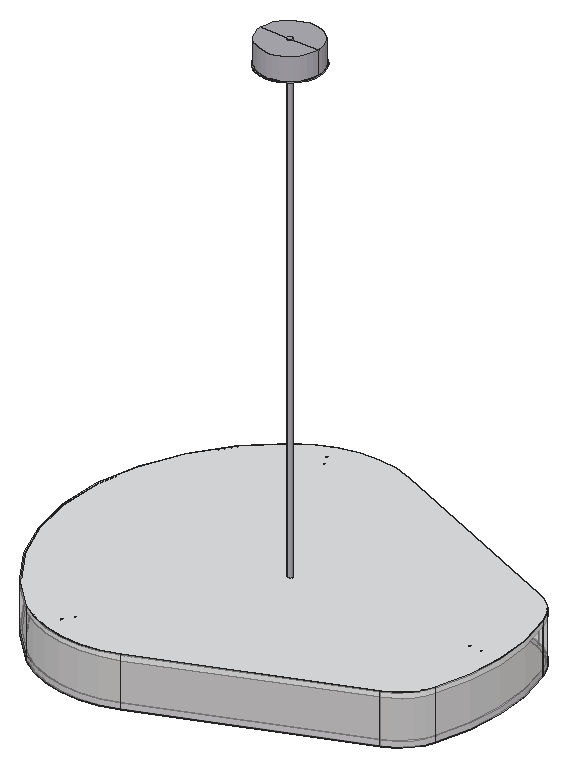
Revit family "Lighting - Lumetta - Pendant - NP54205", category Lighting Fixtures, host Ceiling, Revit 2015
Parameters
  Wattage = 11.7117 W
  built-in parameter 1150110 = 1 (stored number, unit not read)
  URL = "https://lumetta.com/luminaires/nexus-42-pendant/"
  Type Comments = "Nexus 42'' Pendant"  # constant formula
  built-in parameter 1114217 = 1 (stored number, unit not read)
  built-in parameter 1150109 = 1 (stored number, unit not read)
  built-in parameter 1150134 = (empty or 0)
  Suspension [instance] = 2
  built-in parameter 1150113 = 1 (stored number, unit not read)
  Stem Hung-ALL Lamping [instance] = Suspension = 2  # yes
  STD-NON_DIM [instance] = not([3-4-LED])  # yes
  Model URL [instance] = "https://lumetta.com/luminaires/nexus-42-pendant/"
  Light Source Symbol Size = 0' - 1"
  Coupling-Stems Over 60 inches [instance] = and([Stem Hung-ALL Lamping], Fixture Drop > 5' 0")  # no
  Model = "NP54205"  # constant formula
  Manufacturer = "Lumetta, Inc."  # constant formula
  Lumens = 1300 lm
  built-in parameter 1150115 = 1 (stored number, unit not read)
  built-in parameter 1150105 = 103.45 (stored number, unit not read)
  built-in parameter 1150137 = (empty or 0)
  built-in parameter 1150139 = (empty or 0)
  built-in parameter 1150112 = 1 (stored number, unit not read)
  built-in parameter 1150114 = 1 (stored number, unit not read)
  built-in parameter 1150132 = 1
  built-in parameter 1150102 = (empty or 0)
  built-in parameter 1150138 = (empty or 0)
  built-in parameter 1150107 = 3000 (stored number, unit not read)
  built-in parameter 1150106 = 1.0345 (stored number, unit not read)
  Frame Finish [instance] = Paint - Lumetta - F02 - PC_Chrome
  Fixture Drop [instance] = 4' - 0"
  built-in parameter 1150104 = 10.312 (stored number, unit not read)
  Dimming Lamp Color Temperature Shift = (empty or 0)
  Diffuser Material [instance] = Shade - Lumetta - D61 - MT_White
  Description = ""
  Cord [instance] = Suspension = 1  # no
  Bottom Lens-Material [instance] = Acrylic - P95 - Etched White
  Bottom Lens [instance] = yes
  3-4-LED [instance] = and([3 or 4 Wire Dimming OR LED], Suspension = 1)  # no
  3 or 4 Wire Dimming OR LED [instance] = yes
  3 Cables [instance] = Suspension = 1  # no
  1CRD-3CBL-ALL Lamping [instance] = Suspension = 1  # no
  Cord Color [instance] = Cord, Black
  Color Filter = 16777215
  built-in parameter 1114218 = 1 (stored number, unit not read)
  built-in parameter 1150133 = 10 (stored number, unit not read)
Reference planes (in)
  plane 1 "Light Source Axis (F/B)": y = 0
  plane 2 "Ceiling": z = 96
  plane 3 "Light Source Axis (L/R)": x = 0
  plane 4 "Light Source Elevation": z = 45.5
  plane 5 "Fixture-Top": z = 48
  plane 6 "Fixture-Radius": x = 17
  plane 7 "Fixture-Height": z = 43
  plane 8: through (0, 0, 0) normal (-0.5, -0.866, 0)
  plane 9: y = 0
  plane 10: through (0, 0, 0) normal (0.5, -0.866, 0)
  plane 11 "Plane-120": through (-8.5, 14.72243, 0) normal (0.5, -0.866, 0)
  plane 12 "Plane-240": through (-70.85383, 21.27757, 0) normal (0.5, 0.866, 0)
  plane 13: through (0, 0, 0) normal (-0.866, -0.5, 0)
  plane 14: through (0, 0, 0) normal (0.866, -0.5, 0)
Forms (in)
  Revolve 1, solid, material "Paint - Lumetta - F02 - PC_Chrome" <- "Frame Finish", visible <- "1CRD-3CBL-ALL Lamping"
    sketch origin (0, 0, 0) x (1, 0, 0) y (0, 0, 1)
      loop
        line (0, 96) -> (0, 95.4375) -> (3, 95.4375) -> (3, 95.5) -> (2.87509, 95.5) -> (2.87509, 96) -> (0, 96)
      axis (0, 96) -> (0, 95.4375)
    angle from 0 to 360
  Extrusion 2, void
    sketch origin (0, 0, 95.4375) x (0, -1, 0) y (1, 0, 0)
      loop
        circle (0, 0) r 0.25
      loop
        circle (0, 2.5) r 0.06274
      loop
        circle (-2.16506, -1.25) r 0.06274
      loop
        circle (2.16506, -1.25) r 0.06274
    from 0 to 0.06358
  Extrusion 3, solid, material "Paint - Lumetta - F02 - PC_Chrome" <- "Frame Finish", visible <- "Stem Hung-ALL Lamping"
    sketch origin (0, 0, 48) x (0, -1, 0) y (-1, 0, 0)
      loop
        circle (0, 0) r 0.25
    from 0.56254 to -48
  Revolve 4, solid, material "Paint - Lumetta - F02 - PC_Chrome" <- "Frame Finish", visible <- "Coupling-Stems Over 60 inches"
    sketch origin (0, 0, 0) x (1, 0, 0) y (0, 0, 1)
      loop
        line (0, 86.52595) -> (0, 85.99572) -> (0.26233, 85.99572)
        arc (0.26233, 85.99572) -> (0.31307, 86.04646) -> (0.26233, 86.09721) r 0.05074
        arc (0.26233, 86.09721) -> (0.29304, 86.26071) -> (0.26243, 86.42423) r 0.45126
        arc (0.26243, 86.42423) -> (0.31329, 86.47509) -> (0.26243, 86.52595) r 0.05086
        line (0.26243, 86.52595) -> (0, 86.52595)
      axis (0, 86.52595) -> (0, 85.99572)
    angle from 0 to 360
  Revolve 5, solid, material "Paint - Lumetta - F02 - PC_Chrome" <- "Frame Finish", visible <- "Stem Hung-ALL Lamping"
    sketch origin (0, 0, 0) x (1, 0, 0) y (0, 0, 1)
      loop
        line (0, 96) -> (0, 93.40625) -> (0.34988, 93.40625)
        arc (0.34988, 93.40625) -> (0.49124, 93.54417) -> (0.58115, 93.72) r 0.61026
        line (0.58115, 93.72) -> (3, 93.72) -> (3, 93.78) -> (2.875, 93.78) -> (2.875, 96) -> (0, 96)
      axis (0, 96) -> (0, 93.40625)
    angle from 0 to 360
  Extrusion 6, solid, material "Cord, Black" <- "Cord Color", visible <- "1CRD-3CBL-ALL Lamping"
    sketch origin (0, 0, 48) x (0, -1, 0) y (1, 0, 0)
      loop
        circle (0, 0) r 0.15674
    from -0.56254 to 48
  Extrusion 7, solid, material "Paint - Lumetta - F11 - PC_White"
    sketch origin (0, 0, 26) x (0, -1, 0) y (1, 0, 0)
      loop
        circle (0, 17.9375) r 0.05469
      loop
        arc (-6.71397, 19.8978) -> (-8.62085, 18.75841) -> (-9.88585, 16.93244) r 5.25
        line (-9.88585, 16.93244) -> (-17.93419, -2.49797)
        arc (-17.93419, -2.49797) -> (-18.63306, -7.96467) -> (-16.46691, -13.0323) r 10.5
        arc (-16.46691, -13.0323) -> (0, -21) -> (16.46691, -13.0323) r 21
        arc (16.46691, -13.0323) -> (18.63306, -7.96467) -> (17.93419, -2.49797) r 10.5
        line (17.93419, -2.49797) -> (9.88585, 16.93244)
        arc (9.88585, 16.93244) -> (8.62085, 18.75841) -> (6.71397, 19.8978) r 5.25
        arc (6.71397, 19.8978) -> (0, 21) -> (-6.71397, 19.8978) r 21
      loop
        circle (0, 0) r 0.26563
      loop
        circle (15.53433, -8.96875) r 0.0565
      loop
        circle (16.50861, -9.53125) r 0.0565
      loop
        circle (0, 19.0625) r 0.0565
      loop
        circle (-15.53433, -8.96875) r 0.0565
      loop
        circle (-16.50861, -9.53125) r 0.0565
    from 22 to 21.93802
  Sweep 8, solid, visible <- "1CRD-3CBL-ALL Lamping"
    path origin (0, 0, 0) x (1, 0, 0) y (0, 0, 1)
      loop
        line (2.5, 95.50108) -> (17.9375, 48)
    profile origin (10.21875, 0, 71.75054) x (0.951036, 0, 0.30908) y (0, -1, 0)
      loop
        circle (0, 0) r 0.03083
  Extrusion 9, solid, material "Acrylic - P95 - Etched White" <- "Bottom Lens-Material", visible <- "Bottom Lens"
    sketch origin (0, 0, 43) x (0, -1, 0) y (1, 0, 0)
      loop
        arc (-17.81871, -2.54581) -> (-18.50926, -7.94742) -> (-16.36889, -12.95473) r 10.375
        arc (-16.36889, -12.95473) -> (0, -20.875) -> (16.36889, -12.95473) r 20.875
        arc (16.36889, -12.95473) -> (18.50926, -7.94742) -> (17.81871, -2.54581) r 10.375
        line (17.81871, -2.54581) -> (9.77036, 16.8846)
        arc (9.77036, 16.8846) -> (8.53548, 18.6671) -> (6.67401, 19.77936) r 5.125
        arc (6.67401, 19.77936) -> (0, 20.875) -> (-6.67401, 19.77936) r 20.875
        arc (-6.67401, 19.77936) -> (-8.53548, 18.6671) -> (-9.77036, 16.8846) r 5.125
        line (-9.77036, 16.8846) -> (-17.81871, -2.54581)
    from 0.0941 to 0.21831
  Revolve 10, solid, material "Paint - Lumetta - F02 - PC_Chrome" <- "Frame Finish", visible <- "STD-NON_DIM"
    sketch origin (0, 0, 0) x (1, 0, 0) y (0, 0, 1)
      loop
        line (0, 95.4375) -> (0, 94.87435) -> (0.28215, 94.87435) -> (0.37481, 95.4375) -> (0, 95.4375)
      axis (0, 95.4375) -> (0, 94.87435)
    angle from 0 to 360
  Revolve 11, solid, material "Paint - Lumetta - F02 - PC_Chrome" <- "Frame Finish", visible <- "3-4-LED"
    sketch origin (0, 0, 0) x (1, 0, 0) y (0, 0, 1)
      loop
        line (0, 95.4375) -> (0, 95.3765) -> (0.37481, 95.3765) -> (0.37481, 95.4375) -> (0, 95.4375)
      axis (0, 95.4375) -> (0, 95.3765)
    angle from 0 to 360
  Sweep 12, solid, visible <- "1CRD-3CBL-ALL Lamping"
    path origin (0, 0, 0) x (-0.5, 0.866025, 0) y (0, 0, 1)
      loop
        line (2.5, 95.50108) -> (17.9375, 48)
    profile origin (-5.10937, 8.8497, 71.75054) x (-0.475518, 0.823621, 0.30908) y (0.866025, 0.5, 0)
      loop
        circle (0, 0) r 0.03083
  Sweep 13, solid, visible <- "1CRD-3CBL-ALL Lamping"
    path origin (0, 0, 0) x (-0.5, -0.866025, 0) y (0, 0, 1)
      loop
        line (2.5, 95.50108) -> (17.9375, 48)
    profile origin (-5.10938, -8.8497, 71.75054) x (-0.475518, -0.823621, 0.30908) y (-0.866025, 0.5, 0)
      loop
        circle (0, 0) r 0.03083
  Extrusion 14, solid, material "Paint - Lumetta - F11 - PC_White"
    sketch origin (0, 0, 48) x (0, -1, 0) y (1, 0, 0)
      loop
        arc (-6.71397, 19.8978) -> (-8.62085, 18.75841) -> (-9.88585, 16.93244) r 5.25
        line (-9.88585, 16.93244) -> (-17.93419, -2.49797)
        arc (-17.93419, -2.49797) -> (-18.63306, -7.96467) -> (-16.46691, -13.0323) r 10.5
        arc (-16.46691, -13.0323) -> (0, -21) -> (16.46691, -13.0323) r 21
        arc (16.46691, -13.0323) -> (18.63306, -7.96467) -> (17.93419, -2.49797) r 10.5
        line (17.93419, -2.49797) -> (9.88585, 16.93244)
        arc (9.88585, 16.93244) -> (8.62085, 18.75841) -> (6.71397, 19.8978) r 5.25
        arc (6.71397, 19.8978) -> (0, 21) -> (-6.71397, 19.8978) r 21
      loop
        arc (-16.4179, -12.99351) -> (0, -20.9375) -> (16.4179, -12.99351) r 20.9375
        arc (16.4179, -12.99351) -> (18.57116, -7.95604) -> (17.87645, -2.52189) r 10.4375
        line (17.87645, -2.52189) -> (9.82811, 16.90852)
        arc (9.82811, 16.90852) -> (8.57816, 18.71275) -> (6.69399, 19.83858) r 5.1875
        arc (6.69399, 19.83858) -> (0, 20.9375) -> (-6.69399, 19.83858) r 20.9375
        arc (-6.69399, 19.83858) -> (-8.57816, 18.71275) -> (-9.82811, 16.90852) r 5.1875
        line (-9.82811, 16.90852) -> (-17.87645, -2.52189)
        arc (-17.87645, -2.52189) -> (-18.57116, -7.95604) -> (-16.4179, -12.99351) r 10.4375
    from -0.56254 to -0.06198
  Extrusion 15, solid, material "Paint - Lumetta - F02 - PC_Chrome" <- "Frame Finish"
    sketch origin (0, 0, 43) x (0, -1, 0) y (1, 0, 0)
      loop
        arc (-6.71397, 19.8978) -> (-8.62085, 18.75841) -> (-9.88585, 16.93244) r 5.25
        line (-9.88585, 16.93244) -> (-17.93419, -2.49797)
        arc (-17.93419, -2.49797) -> (-18.63306, -7.96467) -> (-16.46691, -13.0323) r 10.5
        arc (-16.46691, -13.0323) -> (0, -21) -> (16.46691, -13.0323) r 21
        arc (16.46691, -13.0323) -> (18.63306, -7.96467) -> (17.93419, -2.49797) r 10.5
        line (17.93419, -2.49797) -> (9.88585, 16.93244)
        arc (9.88585, 16.93244) -> (8.62085, 18.75841) -> (6.71397, 19.8978) r 5.25
        arc (6.71397, 19.8978) -> (0, 21) -> (-6.71397, 19.8978) r 21
      loop
        arc (-16.07484, -12.72201) -> (0, -20.5) -> (16.07484, -12.72201) r 20.5
        arc (16.07484, -12.72201) -> (18.13784, -7.89569) -> (17.47225, -2.68932) r 10
        line (17.47225, -2.68932) -> (9.42391, 16.7411)
        arc (9.42391, 16.7411) -> (8.27938, 18.39316) -> (6.55412, 19.42405) r 4.75
        arc (6.55412, 19.42405) -> (0, 20.5) -> (-6.55412, 19.42405) r 20.5
        arc (-6.55412, 19.42405) -> (-8.27938, 18.39316) -> (-9.42391, 16.7411) r 4.75
        line (-9.42391, 16.7411) -> (-17.47225, -2.68932)
        arc (-17.47225, -2.68932) -> (-18.13784, -7.89569) -> (-16.07484, -12.72201) r 10
    from 0 to 0.0941
  Extrusion 16, solid, material "Paint - Lumetta - F02 - PC_Chrome" <- "Frame Finish"
    sketch origin (0, 0, 43) x (0, -1, 0) y (1, 0, 0)
      loop
        arc (-6.71397, 19.8978) -> (-8.62085, 18.75841) -> (-9.88585, 16.93244) r 5.25
        line (-9.88585, 16.93244) -> (-17.93419, -2.49797)
        arc (-17.93419, -2.49797) -> (-18.63306, -7.96467) -> (-16.46691, -13.0323) r 10.5
        arc (-16.46691, -13.0323) -> (0, -21) -> (16.46691, -13.0323) r 21
        arc (16.46691, -13.0323) -> (18.63306, -7.96467) -> (17.93419, -2.49797) r 10.5
        line (17.93419, -2.49797) -> (9.88585, 16.93244)
        arc (9.88585, 16.93244) -> (8.62085, 18.75841) -> (6.71397, 19.8978) r 5.25
        arc (6.71397, 19.8978) -> (0, 21) -> (-6.71397, 19.8978) r 21
      loop
        arc (-16.4179, -12.99351) -> (0, -20.9375) -> (16.4179, -12.99351) r 20.9375
        arc (16.4179, -12.99351) -> (18.57116, -7.95604) -> (17.87645, -2.52189) r 10.4375
        line (17.87645, -2.52189) -> (9.82811, 16.90852)
        arc (9.82811, 16.90852) -> (8.57816, 18.71275) -> (6.69399, 19.83858) r 5.1875
        arc (6.69399, 19.83858) -> (0, 20.9375) -> (-6.69399, 19.83858) r 20.9375
        arc (-6.69399, 19.83858) -> (-8.57816, 18.71275) -> (-9.82811, 16.90852) r 5.1875
        line (-9.82811, 16.90852) -> (-17.87645, -2.52189)
        arc (-17.87645, -2.52189) -> (-18.57116, -7.95604) -> (-16.4179, -12.99351) r 10.4375
    from 0.0941 to 0.60249
  Extrusion 17, solid, material "Shade - Lumetta - D61 - MT_White" <- "Diffuser Material"
    sketch origin (0, 0, 43) x (0, -1, 0) y (1, 0, 0)
      loop
        arc (-6.71397, 19.8978) -> (-8.62085, 18.75841) -> (-9.88585, 16.93244) r 5.25
        line (-9.88585, 16.93244) -> (-17.93419, -2.49797)
        arc (-17.93419, -2.49797) -> (-18.63306, -7.96467) -> (-16.46691, -13.0323) r 10.5
        arc (-16.46691, -13.0323) -> (0, -21) -> (16.46691, -13.0323) r 21
        arc (16.46691, -13.0323) -> (18.63306, -7.96467) -> (17.93419, -2.49797) r 10.5
        line (17.93419, -2.49797) -> (9.88585, 16.93244)
        arc (9.88585, 16.93244) -> (8.62085, 18.75841) -> (6.71397, 19.8978) r 5.25
        arc (6.71397, 19.8978) -> (0, 21) -> (-6.71397, 19.8978) r 21
      loop
        arc (-17.96306, -2.48602) -> (-18.66401, -7.96898) -> (-16.49141, -13.05169) r 10.53125
        arc (-16.49141, -13.05169) -> (0, -21.03125) -> (16.49141, -13.05169) r 21.03125
        arc (16.49141, -13.05169) -> (18.66401, -7.96898) -> (17.96306, -2.48602) r 10.53125
        line (17.96306, -2.48602) -> (9.91472, 16.9444)
        arc (9.91472, 16.9444) -> (8.64219, 18.78123) -> (6.72397, 19.92741) r 5.28125
        arc (6.72397, 19.92741) -> (0, 21.03125) -> (-6.72397, 19.92741) r 21.03125
        arc (-6.72397, 19.92741) -> (-8.64219, 18.78123) -> (-9.91472, 16.9444) r 5.28125
        line (-9.91472, 16.9444) -> (-17.96306, -2.48602)
    from 0 to 5
Dimensions and locks (in)
  equal spacing: host sketch curve, plane 3 "Light Source Axis (L/R)", host sketch curve
  equal spacing: host sketch curve, plane 1 "Light Source Axis (F/B)", host sketch curve
  host sketch curve to host sketch curve = 10' - 0"  (x2)
  "Fixture Drop": plane 2 "Ceiling" to plane 5 "Fixture-Top"
  locked: plane 5 "Fixture-Top" to plane 4 "Light Source Elevation" at 2.5
  locked: plane 6 "Fixture-Radius" to plane 3 "Light Source Axis (L/R)" at 17
  locked: plane 5 "Fixture-Top" to plane 7 "Fixture-Height" at 5
  locked: Extrusion 2 sketch curve to Extrusion 2 sketch curve at 2.5
  locked: Extrusion 3 sketch curve to imposter light
  locked: Extrusion 3 sketch curve to imposter light at 0
  Revolve 4 sketch curve to Revolve 4 sketch curve = 0' - 0.15822"
  locked: Revolve 4 sketch curve to Revolve 4 sketch curve at 0.53023
  locked: Revolve 4 sketch curve to Revolve 4 sketch curve at 0.26243
  locked: Revolve 4 sketch curve to Revolve 4 sketch curve at 0.26233
  locked: Revolve 4 sketch curve to Revolve 4 sketch curve at 0.05074
  locked: Revolve 4 sketch curve to Revolve 4 sketch curve at 0.47937
  locked: Revolve 4 sketch curve to Revolve 4 sketch curve at 0.26512
  locked: Revolve 5 sketch curve to Revolve 5 sketch curve at 2.875
  locked: Revolve 5 sketch curve to Revolve 5 sketch curve at 0.31375
  locked: Revolve 1 sketch curve to Revolve 1 sketch curve at 0.0625
  locked: host ceiling to Revolve 1 sketch curve at 0.5625
  locked: Revolve 1 sketch curve to Revolve 1 sketch curve at 0.5625
  Revolve 1 sketch curve to Revolve 1 sketch curve = 0' - 2.87509"
  locked: plane 10 to plane 11 "Plane-120" at 17
  locked: plane 12 "Plane-240" to plane 8 at 17
  locked: plane 10 to Extrusion 2 sketch curve at 2.5
  locked: Extrusion 2 sketch curve to plane 8 at 2.5
  locked: Revolve 1 sketch curve to Revolve 1 sketch curve at 3
  locked: Revolve 1 sketch curve to Revolve 1 sketch curve at 2.87509
  locked: Revolve 10 sketch curve to Revolve 10 sketch curve at 0.37481
  locked: Revolve 10 sketch curve to Revolve 10 sketch curve at 0.28215
  locked: Revolve 1 to Revolve 10 sketch curve at 0.56315
  locked: Revolve 1 to Revolve 11 sketch curve at 0.061
  locked: plane 3 "Light Source Axis (L/R)" to Revolve 11 sketch curve at 0.37481
  Extrusion 9 to plane 7 "Fixture-Height" = 0' - 0.21831"
  locked: plane 5 "Fixture-Top" to Extrusion 7 at 0.06198
  locked: Sweep 8 sketch curve to plane 3 "Light Source Axis (L/R)" at 17.9375
  locked: Extrusion 14 to Extrusion 14 at 0.50056
  locked: Extrusion 15 to Extrusion 15 at 0.0941
  locked: Extrusion 9 to Extrusion 9 at 0.12422
  locked: Extrusion 16 to Extrusion 16 at 0.50839
  aligned and locked: plane 3 "Light Source Axis (L/R)" to imposter light
  aligned and locked: plane 1 "Light Source Axis (F/B)" to imposter light
  aligned and locked: plane 4 "Light Source Elevation" to imposter light
  aligned and locked: Revolve 4 sketch curve to Revolve 4 sketch curve  (x2)
  aligned and locked: host ceiling to Extrusion 3
  aligned and locked: host ceiling to Extrusion 6
  aligned and locked: Extrusion 7 to plane 5 "Fixture-Top"
  aligned and locked: Sweep 8 sketch curve to Extrusion 7
  aligned and locked: Extrusion 14 to Extrusion 7
  aligned and locked: plane 7 "Fixture-Height" to Extrusion 15
  aligned and locked: Extrusion 9 to Extrusion 15
  aligned and locked: Extrusion 16 to Extrusion 9
  aligned and locked: Extrusion 17 to plane 5 "Fixture-Top"
  aligned and locked: plane 7 "Fixture-Height" to Extrusion 17
Automatic sketch dimensions
  Revolve 4 sketch curve to plane 3 "Light Source Axis (L/R)" = 0' - 0"
  Revolve 4 sketch curve to Revolve 4 sketch curve = 0' - 11.34317"
  Revolve 5 sketch curve to plane 3 "Light Source Axis (L/R)" = 0' - 0"  (x3)
  Revolve 5 sketch curve to plane 2 "Ceiling" = 0' - 0"
  plane 3 "Light Source Axis (L/R)" to Revolve 5 sketch curve = 0' - 0.34988"
  Revolve 5 sketch curve to Revolve 5 sketch curve = 0' - 0.23126"
  Revolve 5 sketch curve to Revolve 5 sketch curve = 0' - 0 1/8"
  Revolve 5 sketch curve to plane 2 "Ceiling" = 0' - 2 3/32"
  Revolve 5 sketch curve to Revolve 5 sketch curve = 0' - 0.06"
  plane 2 "Ceiling" to Revolve 5 sketch curve = 0' - 1 3/4"
  Revolve 5 sketch curve to Revolve 5 sketch curve = 0' - 2 1/2"
  plane 1 "Light Source Axis (F/B)" to Extrusion 6 sketch curve = 0' - 0"
  Extrusion 6 sketch curve to plane 3 "Light Source Axis (L/R)" = 0' - 0"
  Extrusion 2 sketch curve to Revolve 1 = 0' - 0"
  Extrusion 2 sketch curve to Extrusion 2 sketch curve = 0' - 1 1/4"  (x2)
  Sweep 8 sketch curve to plane 1 "Light Source Axis (F/B)" = 0' - 0"
  Sweep 8 sketch curve to profile plane = 0' - 0"
  plane 1 "Light Source Axis (F/B)" to Extrusion 7 sketch curve = 0' - 0"  (x2)
  Revolve 1 sketch curve to plane 3 "Light Source Axis (L/R)" = 0' - 0"  (x2)
  Revolve 1 sketch curve to plane 5 "Fixture-Top" = 0' - 1 1/4"
  Revolve 1 sketch curve to Revolve 1 sketch curve = 0' - 9 3/4"
  Revolve 10 sketch curve to plane 3 "Light Source Axis (L/R)" = 0' - 0"  (x2)
  Revolve 10 sketch curve to plane 2 "Ceiling" = 0' - 0 9/16"
  Revolve 10 sketch curve to Revolve 10 sketch curve = 0' - 1.18685"
  plane 2 "Ceiling" to Revolve 10 sketch curve = 0' - 6 11/16"
  Revolve 11 sketch curve to plane 3 "Light Source Axis (L/R)" = 0' - 0"  (x2)
  Revolve 11 sketch curve to Revolve 11 sketch curve = 0' - 0.061"
  Revolve 11 sketch curve to Revolve 11 sketch curve = 0' - 0.82606"
  Revolve 11 sketch curve to plane 2 "Ceiling" = 0' - 0 1/4"
  Revolve 4 sketch curve to plane 2 "Ceiling" = 0' - 10.00428"
  Extrusion 7 sketch curve to Extrusion 7 sketch curve = 0' - 0"  (x8)
  Extrusion 7 sketch curve to plane 1 "Light Source Axis (F/B)" = 1' - 5.93419"
  Extrusion 7 sketch curve to Extrusion 7 sketch curve = 0' - 1.42558"
  Extrusion 7 sketch curve to Extrusion 7 sketch curve = 0' - 0.97428"  (x2)
  Extrusion 7 sketch curve to plane 1 "Light Source Axis (F/B)" = 0' - 9.88585"
  Extrusion 7 sketch curve to Extrusion 7 sketch curve = 0' - 7.30088"  (x2)
  Extrusion 7 sketch curve to Extrusion 7 sketch curve = 0' - 4.85037"  (x2)
  Extrusion 7 sketch curve to Extrusion 7 sketch curve = 0' - 8.23345"  (x2)
  Extrusion 7 sketch curve to Extrusion 7 sketch curve = 0' - 2.39986"
  Extrusion 7 sketch curve to plane 6 "Fixture-Radius" = 2' - 2 17/32"
  Extrusion 7 sketch curve to Extrusion 7 sketch curve = 0' - 0 9/16"  (x2)
  Extrusion 7 sketch curve to Extrusion 7 sketch curve = 0' - 2.4526"  (x2)
  Extrusion 7 sketch curve to Extrusion 7 sketch curve = 0' - 6.47078"  (x2)
  Extrusion 7 sketch curve to Extrusion 7 sketch curve = 0' - 6.51615"
  Extrusion 7 sketch curve to Extrusion 7 sketch curve = 1' - 2.92335"
  Extrusion 7 sketch curve to Extrusion 7 sketch curve = 0' - 2.00909"  (x2)
  plane 6 "Fixture-Radius" to Extrusion 7 sketch curve = 0' - 0 15/16"
  plane 1 "Light Source Axis (F/B)" to Extrusion 7 sketch curve = 0' - 5.03548"
  Extrusion 7 sketch curve to Extrusion 7 sketch curve = 0' - 1 1/8"
  Sweep 8 sketch curve to plane 2 "Ceiling" = 0' - 0.49892"
  plane 3 "Light Source Axis (L/R)" to Sweep 8 sketch curve = 0' - 2 1/2"
  Sweep 12 sketch curve to plane 5 "Fixture-Top" = 0' - 0"
  Sweep 12 sketch curve to plane 2 "Ceiling" = 0' - 0.49892"
  Sweep 12 sketch curve to plane 10 = 0' - 2 1/2"
  Sweep 12 sketch curve to plane 11 "Plane-120" = 0' - 0 15/16"
  Sweep 12 sketch curve to profile plane = 0' - 0"
  profile plane to Sweep 12 sketch curve = 0' - 0"
  Sweep 13 sketch curve to plane 5 "Fixture-Top" = 0' - 0"
  Sweep 13 sketch curve to plane 2 "Ceiling" = 0' - 0.49892"
  plane 8 to Sweep 13 sketch curve = 0' - 2 1/2"
  Sweep 13 sketch curve to plane 12 "Plane-240" = 0' - 0 15/16"
  profile plane to Sweep 13 sketch curve = 0' - 0"  (x2)
  Extrusion 14 sketch curve to Extrusion 14 sketch curve = 0' - 0"  (x17)
  Extrusion 14 sketch curve to Extrusion 14 sketch curve = 0' - 4.85037"  (x2)
  Extrusion 14 sketch curve to Extrusion 14 sketch curve = 0' - 6.51615"
  Extrusion 14 sketch curve to Extrusion 14 sketch curve = 0' - 2.00909"
  Extrusion 14 sketch curve to plane 3 "Light Source Axis (L/R)" = 0' - 0"
  Extrusion 14 sketch curve to plane 3 "Light Source Axis (L/R)" = 0' - 2.49797"  (x2)
  Extrusion 14 sketch curve to Extrusion 14 sketch curve = 0' - 9.70074"
  plane 1 "Light Source Axis (F/B)" to Extrusion 14 sketch curve = 0' - 0"
  Extrusion 14 sketch curve to plane 3 "Light Source Axis (L/R)" = 0' - 6.51615"
  Extrusion 14 sketch curve to Extrusion 14 sketch curve = 0' - 0.04901"  (x3)
  Extrusion 14 sketch curve to Extrusion 14 sketch curve = 0' - 0.03879"  (x3)
  Extrusion 14 sketch curve to Extrusion 14 sketch curve = 0' - 0.05774"  (x3)
  Extrusion 14 sketch curve to plane 6 "Fixture-Radius" = 0' - 0.09148"  (x2)
  Extrusion 14 sketch curve to Extrusion 14 sketch curve = 0' - 0.01998"  (x4)
  Extrusion 14 sketch curve to Extrusion 14 sketch curve = 0' - 0.02392"  (x2)
  Extrusion 9 sketch curve to plane 6 "Fixture-Radius" = 0' - 0.1154"  (x2)
  Extrusion 9 sketch curve to plane 3 "Light Source Axis (L/R)" = 0' - 6.51615"  (x2)
  Extrusion 9 sketch curve to plane 1 "Light Source Axis (F/B)" = 0' - 8.23345"
  Extrusion 9 sketch curve to plane 3 "Light Source Axis (L/R)" = 0' - 2.54581"  (x2)
  Extrusion 9 sketch curve to Extrusion 9 sketch curve = 0' - 9.58525"  (x2)
  plane 1 "Light Source Axis (F/B)" to Extrusion 9 sketch curve = 0' - 8.23345"
  Extrusion 9 sketch curve to Extrusion 9 sketch curve = 0' - 0"  (x4)
  plane 1 "Light Source Axis (F/B)" to Extrusion 9 sketch curve = 0' - 0"
  Extrusion 9 sketch curve to plane 3 "Light Source Axis (L/R)" = 0' - 0"
  Extrusion 9 sketch curve to plane 1 "Light Source Axis (F/B)" = 0' - 9.77036"
  Extrusion 9 sketch curve to plane 6 "Fixture-Radius" = 0' - 2.07665"  (x2)
  Extrusion 9 sketch curve to plane 1 "Light Source Axis (F/B)" = 0' - 5.03548"
  plane 1 "Light Source Axis (F/B)" to Extrusion 9 sketch curve = 0' - 5.03548"
  Extrusion 9 sketch curve to Extrusion 9 sketch curve = 0' - 3.09635"
  Extrusion 15 sketch curve to plane 1 "Light Source Axis (F/B)" = 0' - 9.88585"
  Extrusion 15 sketch curve to Extrusion 15 sketch curve = 0' - 4.85037"  (x2)
  Extrusion 15 sketch curve to Extrusion 15 sketch curve = 0' - 0"  (x17)
  Extrusion 15 sketch curve to Extrusion 15 sketch curve = 0' - 2.00909"
  Extrusion 15 sketch curve to Extrusion 15 sketch curve = 0' - 9.70074"
  Extrusion 15 sketch curve to Extrusion 15 sketch curve = 0' - 6.51615"
  Extrusion 15 sketch curve to Extrusion 15 sketch curve = 0' - 4.01818"  (x2)
  Extrusion 15 sketch curve to Extrusion 15 sketch curve = 0' - 0.39207"  (x3)
  Extrusion 15 sketch curve to Extrusion 15 sketch curve = 0' - 0.31029"  (x3)
  Extrusion 15 sketch curve to Extrusion 15 sketch curve = 0' - 0.46194"  (x3)
  Extrusion 15 sketch curve to plane 3 "Light Source Axis (L/R)" = 0' - 2.68932"  (x2)
  Extrusion 15 sketch curve to plane 6 "Fixture-Radius" = 0' - 0.2589"  (x2)
  Extrusion 15 sketch curve to Extrusion 15 sketch curve = 0' - 0.15986"  (x4)
  Extrusion 15 sketch curve to Extrusion 15 sketch curve = 0' - 0.19134"  (x2)
  Extrusion 16 sketch curve to plane 1 "Light Source Axis (F/B)" = 0' - 9.88585"
  Extrusion 16 sketch curve to Extrusion 16 sketch curve = 0' - 4.85037"  (x2)
  Extrusion 16 sketch curve to Extrusion 16 sketch curve = 0' - 6.51615"
  Extrusion 16 sketch curve to Extrusion 16 sketch curve = 0' - 0"  (x17)
  Extrusion 16 sketch curve to Extrusion 16 sketch curve = 0' - 2.00909"
  Extrusion 16 sketch curve to Extrusion 16 sketch curve = 0' - 9.70074"
  Extrusion 16 sketch curve to Extrusion 16 sketch curve = 0' - 4.01818"  (x2)
  Extrusion 16 sketch curve to Extrusion 16 sketch curve = 0' - 0.04901"  (x3)
  Extrusion 16 sketch curve to Extrusion 16 sketch curve = 0' - 0.03879"  (x3)
  Extrusion 16 sketch curve to Extrusion 16 sketch curve = 0' - 0.05774"  (x3)
  Extrusion 16 sketch curve to plane 3 "Light Source Axis (L/R)" = 0' - 2.52189"  (x2)
  Extrusion 16 sketch curve to plane 6 "Fixture-Radius" = 0' - 0.09148"  (x2)
  Extrusion 16 sketch curve to Extrusion 16 sketch curve = 0' - 0.01998"  (x4)
  Extrusion 16 sketch curve to Extrusion 16 sketch curve = 0' - 0.02392"  (x2)
  Extrusion 17 sketch curve to plane 1 "Light Source Axis (F/B)" = 0' - 9.88585"
  Extrusion 17 sketch curve to Extrusion 17 sketch curve = 0' - 4.85037"  (x2)
  Extrusion 17 sketch curve to Extrusion 17 sketch curve = 0' - 0"  (x17)
  Extrusion 17 sketch curve to Extrusion 17 sketch curve = 0' - 2.00909"
  Extrusion 17 sketch curve to Extrusion 17 sketch curve = 0' - 9.70074"
  Extrusion 17 sketch curve to Extrusion 17 sketch curve = 0' - 6.51615"
  Extrusion 17 sketch curve to Extrusion 17 sketch curve = 0' - 4.01818"  (x2)
  Extrusion 17 sketch curve to Extrusion 17 sketch curve = 0' - 0.01939"  (x3)
  Extrusion 17 sketch curve to plane 3 "Light Source Axis (L/R)" = 0' - 2.48602"  (x2)
  Extrusion 17 sketch curve to Extrusion 17 sketch curve = 0' - 0.02887"  (x3)
  Extrusion 17 sketch curve to plane 6 "Fixture-Radius" = 0' - 0.0556"  (x2)
  Extrusion 17 sketch curve to Extrusion 17 sketch curve = 0' - 0.0245"  (x3)
  Extrusion 17 sketch curve to Extrusion 17 sketch curve = 0' - 0.00999"  (x4)
  Extrusion 17 sketch curve to Extrusion 17 sketch curve = 0' - 0.01196"  (x2)
  radius of Extrusion 3 sketch curve = 0' - 0 1/4"
  radius of Extrusion 6 sketch curve = 0' - 0.15674"
  radius of Extrusion 2 sketch curve = 0' - 0.06274"  (x3)
  radius of Sweep 8 sketch curve = 0' - 0.03083"
  radius of Extrusion 7 sketch curve = 0' - 0 7/128"
  radius of Extrusion 2 sketch curve to Revolve 1 = 0' - 2 3/4"
  radius of Extrusion 7 sketch curve = 0' - 0 17/64"
  radius of Extrusion 7 sketch curve = 0' - 0.0565"  (x5)
  radius of Sweep 12 sketch curve = 0' - 0.03083"
  radius of Sweep 13 sketch curve = 0' - 0.03083"
